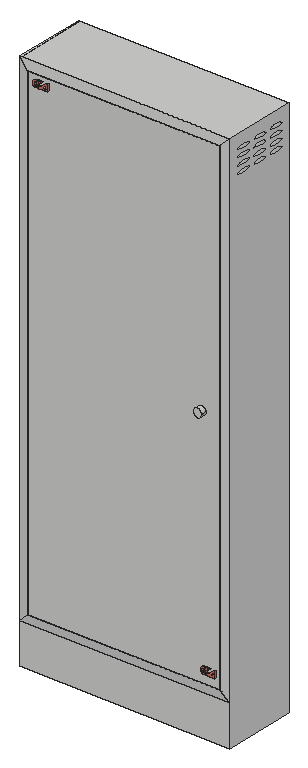
Revit family "120909-00125 Шкаф ШРП-В2400, без плинтов ССД", category Обобщенные модели, Revit 2019
Family settings
  Может служить основой для арматурных стержней = Нет
  Размер круглого соединителя = Использовать диаметр
  Тип детали = Нормальный
  На основе рабочей плоскости = Нет
  Всегда вертикально = Да
  При загрузке вырезать с полостями = Нет
  Общий = Нет
  Точка расчета площади = Нет
Parameters (values of type "ШРП-В/2400 (пустой)")
  Толщина 5 = 5 mm  # constant formula
  Толщина 4 = 4 mm  # constant formula
  Толщина 25 = 25 mm  # constant formula
  Толщина -4 = -4 mm  # constant formula
  Смещение от уровня [instance] = 300 mm
  Описание = "Шкаф ШРП-В/2400, без плинтов ССД"
  Ноль = 0 mm  # constant formula
  Материал букв = Металл красный
  Материал Каркаса = RAL 7035
  ADSK_Этаж [instance] = ""
  ADSK_Размер_Ширина = 860 mm
  ADSK_Размер_Глубина = 300 mm
  ADSK_Размер_Высота = 2240 mm
  ADSK_Примечание [instance] = ""
  ADSK_Предел огнестойкости = ""
  ADSK_Позиция [instance] = ""
  ADSK_Обозначение = ""
  ADSK_Наименование краткое = "ШРП-В/2400 (пустой)"
  ADSK_Наименование = "Шкаф ШРП-В/2400, без плинтов ССД"
  ADSK_Масса_Текст = "114"
  ADSK_Марка [instance] = ""
  ADSK_Количество [instance] = 1  # constant formula
  ADSK_Код изделия = "120909-00125"
  ADSK_Зона = ""
  ADSK_Завод-изготовитель = "АО СВЯЗЬСТРОЙДЕТАЛЬ"  # constant formula
  ADSK_Единица измерения = "шт"  # constant formula
  ADSK_URL страницы изделия = "Шкаф ШРП-В/2400, без плинтов ССД ( 120909-00125 ) (ssd.ru)"
  ADSK_URL документации изделия = "shr_decl_2017.pdf (ssd.ru)"
Reference planes
  plane 1 "тттт": y = 0
  plane 2: z = 0
  plane 3 "УУУУ": x = 0
  plane 4 "Т1": y = 150
  plane 5 "Т2": y = -150
  plane 6 "П2": x = -430
  plane 7 "П1": x = 430
  plane 8 "Е1": z = 300
  plane 9 "Е2": z = 2540
  plane 10: z = 468
  plane 11: z = 505
  plane 12: z = 2503
  plane 13: x = -393
  plane 14: x = 393
  plane 15: x = 318
  plane 16: z = 1504
  plane 17: z = 2482
  plane 18: z = 2452
  plane 19: z = 2422
  plane 20: z = 2392
  plane 21: y = -83
  plane 22: y = 83
  plane 23: x = -370
  plane 24: x = 378
  plane 25: z = 543
Forms (mm)
  Extrusion 1, void, not visible, detail levels fine
    sketch origin (-20, 0, 0) x (1, 0, 0) y (0, 0, 1)
      loop
        arc (-281.999, 290) -> (-261.999, 270) -> (-241.999, 290) r 20
        line (-241.999, 290) -> (-241.999, 370)
        arc (-241.999, 370) -> (-261.999, 390) -> (-281.999, 370) r 20
        line (-281.999, 370) -> (-281.999, 290)
    from 90 to 190
  Extrusion 2, void, not visible
    sketch origin (-20, 0, 225) x (1, 0, 0) y (0, 0, 1)
      loop
        circle (-261.999, 215) r 6.5
    from 90 to 190
  Extrusion 3, void, not visible, detail levels fine
    sketch origin (20, 0, 0) x (-1, 0, 0) y (0, 0, -1)
      loop
        line (-281.999, -290) -> (-281.999, -370)
        arc (-281.999, -370) -> (-261.999, -390) -> (-241.999, -370) r 20
        line (-241.999, -370) -> (-241.999, -290)
        arc (-241.999, -290) -> (-261.999, -270) -> (-281.999, -290) r 20
    from 90 to 190
  Extrusion 4, void, not visible
    sketch origin (20, 0, 225) x (-1, 0, 0) y (0, 0, -1)
      loop
        circle (-261.999, -215) r 6.5
    from 90 to 190
  Extrusion 5, void, not visible
    sketch origin (0, 0, 220) x (0, 1, 0) y (0, 0, 1)
      loop
        circle (-102, 220) r 3.036
      loop
        circle (-172.959, 220) r 3.036
      loop
        circle (-122, 237) r 3.036
      loop
        circle (-157.959, 237) r 3.036
      loop
        circle (-121.964, 203) r 3.036
      loop
        circle (-158.036, 203) r 3.036
      loop
        arc (-162.48, 75) -> (-137.48, 50) -> (-112.48, 75) r 25
        line (-112.48, 75) -> (-112.48, 145)
        arc (-112.48, 145) -> (-137.48, 170) -> (-162.48, 145) r 25
        line (-162.48, 145) -> (-162.48, 75)
    from -312 to 312
  Extrusion 6, solid, material "RAL 7035" <- "Материал Каркаса", detail levels medium+fine
    sketch origin (0, 150, 0) x (1, 0, 0) y (0, 0, 1)
      loop
        line (-430, 2540) -> (-430, 300) -> (430, 300) -> (430, 2540) -> (-430, 2540)
    from 0 to 4 <- "Толщина 4"
  Extrusion 7, solid, material "RAL 7035" <- "Материал Каркаса", detail levels medium+fine
    sketch origin (0, -150, 0) x (1, 0, 0) y (0, 0, 1)
      loop
        line (-430, 2540) -> (-430, 300) -> (430, 300) -> (430, 2540) -> (-430, 2540)
      loop
        line (-393, 2503) -> (-393, 505) -> (393, 505) -> (393, 2503) -> (-393, 2503)
    from -4 <- "Толщина -4" to 0
  Extrusion 8, solid, material "RAL 7035" <- "Материал Каркаса", detail levels medium+fine
    sketch origin (-430, 0, 0) x (0, 1, 0) y (0, 0, 1)
      loop
        line (-150, 2540) -> (-150, 300) -> (150, 300) -> (150, 2540) -> (-150, 2540)
    from 0 to 4 <- "Толщина 4"
  Extrusion 9, solid, material "RAL 7035" <- "Материал Каркаса", detail levels medium+fine
    sketch origin (430, 0, 0) x (0, 1, 0) y (0, 0, 1)
      loop
        line (-150, 2540) -> (-150, 300) -> (150, 300) -> (150, 2540) -> (-150, 2540)
    from -4 <- "Толщина -4" to 0
  Extrusion 10, solid, material "RAL 7035" <- "Материал Каркаса", detail levels medium+fine
    sketch origin (0, 0, 300) x (0, -1, 0) y (1, 0, 0)
      loop
        line (-150, -430) -> (150, -430) -> (150, 430) -> (-150, 430) -> (-150, -430)
    from 0 to 4 <- "Толщина 4"
  Extrusion 11, solid, material "RAL 7035" <- "Материал Каркаса", detail levels medium+fine
    sketch origin (0, 0, 2540) x (0, -1, 0) y (1, 0, 0)
      loop
        line (-150, -430) -> (150, -430) -> (150, 430) -> (-150, 430) -> (-150, -430)
    from 0 to -4 <- "Толщина -4"
  Extrusion 12, solid, material "RAL 7035" <- "Материал Каркаса", detail levels medium+fine
    sketch origin (0, -150, 0) x (1, 0, 0) y (0, 0, 1)
      loop
        line (-393, 2503) -> (-393, 505) -> (393, 505) -> (393, 2503) -> (-393, 2503)
    from 0 to 5 <- "Толщина 5"
  Extrusion 13, solid, material "RAL 7035" <- "Материал Каркаса", detail levels medium+fine
    sketch origin (0, -150, 0) x (1, 0, 0) y (0, 0, 1)
      loop
        circle (318, 1504) r 17
    from 0 to 25 <- "Толщина 25"
  Sweep 14, solid, material "RAL 7035" <- "Материал Каркаса", detail levels medium+fine
    path origin (0, -150, 0) x (1, 0, 0) y (0, 0, 1)
      loop
        line (393, 2503) -> (-393, 2503) -> (-393, 505) -> (393, 505) -> (393, 2503)
    profile origin (0, -150, 2503) x (0, 0, -1) y (0, -1, 0)
      loop
        line (-37, 0) -> (0, 0) -> (0, 5) -> (-37, 0)
  Extrusion 15, solid, material "RAL 7035" <- "Материал Каркаса", detail levels coarse
    sketch origin (0, 0, 0) x (1, 0, 0) y (0, 1, 0)
      loop
        line (-430, 150) -> (-430, -150) -> (430, -150) -> (430, 150) -> (-430, 150)
    from 300 to 2540
Cuts and joins
  joined: Extrusion 6, Extrusion 7, Extrusion 8, Extrusion 9, Extrusion 10, Extrusion 11, Sweep 14
  joined: Extrusion 12, Extrusion 13
Dimensions and locks
  equal spacing: plane 5 "Т2", plane 1 "тттт", plane 4 "Т1"
  equal spacing: plane 6 "П2", plane 3 "УУУУ", plane 7 "П1"
  "ADSK_Размер_Ширина": plane 6 "П2" to plane 7 "П1"
  "ADSK_Размер_Глубина": plane 5 "Т2" to plane 4 "Т1"
  "Смещение от уровня": plane 8 "Е1" to plane 2
  "ADSK_Размер_Высота": plane 9 "Е2" to plane 8 "Е1"
  locked: plane 10 to plane 8 "Е1" at 168
  locked: plane 9 "Е2" to plane 12 at 37
  locked: plane 11 to plane 10 at 37
  locked: plane 13 to plane 6 "П2" at 37
  locked: plane 7 "П1" to plane 14 at 37
  locked: plane 14 to plane 15 at 75
  equal spacing: plane 12, plane 16, plane 11
  locked: plane 9 "Е2" to plane 17 at 58
  locked: plane 17 to plane 18 at 30
  locked: plane 18 to plane 19 at 30
  locked: plane 19 to plane 20 at 30
  locked: plane 5 "Т2" to plane 21 at 67
  locked: plane 22 to plane 4 "Т1" at 67
  locked: plane 25 to plane 10 at 75
  locked: plane 24 to plane 14 at 15
  locked: plane 23 to plane 6 "П2" at 60
  aligned and locked: level to plane 2
  aligned and locked: plane 9 "Е2" to Extrusion 6 sketch curve
  aligned and locked: plane 6 "П2" to Extrusion 6 sketch curve
  aligned and locked: Extrusion 6 sketch curve to plane 8 "Е1"
  aligned and locked: Extrusion 6 sketch curve to plane 7 "П1"
  aligned and locked: Extrusion 6 to plane 4 "Т1"
  aligned and locked: plane 6 "П2" to Extrusion 7 sketch curve
  aligned and locked: Extrusion 7 sketch curve to plane 8 "Е1"
  aligned and locked: Extrusion 7 sketch curve to plane 7 "П1"
  aligned and locked: plane 9 "Е2" to Extrusion 7 sketch curve
  aligned and locked: plane 13 to Extrusion 7 sketch curve
  aligned and locked: Extrusion 7 sketch curve to plane 14
  aligned and locked: plane 12 to Extrusion 7 sketch curve
  aligned and locked: Extrusion 7 sketch curve to plane 11
  aligned and locked: plane 5 "Т2" to Extrusion 7
  aligned and locked: Extrusion 8 sketch curve to Extrusion 7  (x2)
  aligned and locked: Extrusion 8 sketch curve to Extrusion 6  (x2)
  aligned and locked: Extrusion 8 to plane 6 "П2"
  aligned and locked: Extrusion 9 sketch curve to Extrusion 7  (x2)
  aligned and locked: Extrusion 9 sketch curve to Extrusion 6  (x2)
  aligned and locked: plane 7 "П1" to Extrusion 9
  aligned and locked: Extrusion 10 sketch curve to cut or joined group of Extrusion 6, Extrusion 7, Extrusion 8, Extrusion 9, Extrusion 10, Extrusion 11, Sweep 14  (x4)
  aligned and locked: plane 8 "Е1" to Extrusion 10
  aligned and locked: Extrusion 11 sketch curve to cut or joined group of Extrusion 6, Extrusion 7, Extrusion 8, Extrusion 9, Extrusion 10, Extrusion 11, Sweep 14  (x4)
  aligned and locked: plane 9 "Е2" to Extrusion 11
  aligned and locked: Extrusion 12 sketch curve to cut or joined group of Extrusion 6, Extrusion 7, Extrusion 8, Extrusion 9, Extrusion 10, Extrusion 11, Sweep 14  (x4)
  aligned and locked: plane 16 to Extrusion 13 sketch curve
  aligned and locked: plane 15 to Extrusion 13 sketch curve
  aligned and locked: plane 5 "Т2" to Extrusion 12
  aligned and locked: Extrusion 13 to plane 5 "Т2"
  aligned and locked: Sweep 14 sketch curve to Extrusion 12  (x4)
  aligned and locked: profile plane to Sweep 14 sketch curve  (x2)
  aligned and locked: plane 21 to nested 1
  aligned and locked: nested 2 to plane 1 "тттт"
  aligned and locked: plane 22 to nested 3
  aligned and locked: plane 7 "П1" to nested 3
  aligned and locked: plane 7 "П1" to nested 2
  aligned and locked: plane 7 "П1" to nested 1
  aligned and locked: nested 1 to plane 17
  aligned and locked: nested 2 to plane 17
  aligned and locked: nested 3 to plane 17
  aligned and locked: nested 4 to plane 18
  aligned and locked: nested 5 to plane 18
  aligned and locked: nested 6 to plane 18
  aligned and locked: nested 7 to plane 19
  aligned and locked: nested 8 to plane 19
  aligned and locked: nested 9 to plane 19
  aligned and locked: nested 10 to plane 20
  aligned and locked: nested 11 to plane 20
  aligned and locked: nested 12 to plane 20
  aligned and locked: plane 22 to nested 6
  aligned and locked: cut or joined group of Extrusion 6, Extrusion 7, Extrusion 8, Extrusion 9, Extrusion 10, Extrusion 11, Sweep 14 to nested 6
  aligned and locked: nested 5 to plane 1 "тттт"
  aligned and locked: cut or joined group of Extrusion 6, Extrusion 7, Extrusion 8, Extrusion 9, Extrusion 10, Extrusion 11, Sweep 14 to nested 5
  aligned and locked: plane 21 to nested 4
  aligned and locked: cut or joined group of Extrusion 6, Extrusion 7, Extrusion 8, Extrusion 9, Extrusion 10, Extrusion 11, Sweep 14 to nested 4
  aligned and locked: plane 7 "П1" to nested 9
  aligned and locked: plane 22 to nested 9
  aligned and locked: nested 8 to plane 1 "тттт"
  aligned and locked: plane 7 "П1" to nested 8
  aligned and locked: plane 21 to nested 7
  aligned and locked: plane 7 "П1" to nested 7
  aligned and locked: plane 7 "П1" to nested 12  (x2)
  aligned and locked: plane 22 to nested 12
  aligned and locked: plane 7 "П1" to nested 11  (x2)
  aligned and locked: nested 11 to plane 1 "тттт"
  aligned and locked: plane 7 "П1" to nested 10
  aligned and locked: plane 21 to nested 10
  aligned and locked: plane 20 to nested 24
  aligned and locked: plane 20 to nested 19
  aligned and locked: plane 20 to nested 18
  aligned and locked: plane 19 to nested 23
  aligned and locked: nested 23 to plane 19
  aligned and locked: plane 19 to nested 20
  aligned and locked: plane 19 to nested 17
  aligned and locked: plane 18 to nested 22
  aligned and locked: plane 18 to nested 21
  aligned and locked: plane 18 to nested 16
  aligned and locked: plane 17 to nested 14
  aligned and locked: plane 17 to nested 13
  aligned and locked: plane 17 to nested 15
  aligned and locked: plane 7 "П1" to cut or joined group of Extrusion 6, Extrusion 7, Extrusion 8, Extrusion 9, Extrusion 10, Extrusion 11, Sweep 14
  aligned and locked: nested 10 to plane 21
  aligned and locked: plane 1 "тттт" to nested 11
  aligned and locked: nested 12 to plane 22
  aligned and locked: nested 23 to plane 21
  aligned and locked: plane 21 to nested 23
  aligned and locked: plane 1 "тттт" to nested 20
  aligned and locked: nested 17 to plane 22
  aligned and locked: plane 6 "П2" to nested 23
  aligned and locked: plane 6 "П2" to nested 20
  aligned and locked: plane 6 "П2" to nested 17
  aligned and locked: nested 22 to cut or joined group of Extrusion 6, Extrusion 7, Extrusion 8, Extrusion 9, Extrusion 10, Extrusion 11, Sweep 14
  aligned and locked: nested 22 to plane 21
  aligned and locked: nested 21 to cut or joined group of Extrusion 6, Extrusion 7, Extrusion 8, Extrusion 9, Extrusion 10, Extrusion 11, Sweep 14
  aligned and locked: plane 1 "тттт" to nested 21
  aligned and locked: nested 16 to cut or joined group of Extrusion 6, Extrusion 7, Extrusion 8, Extrusion 9, Extrusion 10, Extrusion 11, Sweep 14
  aligned and locked: nested 16 to plane 22
  aligned and locked: nested 15 to plane 22
  aligned and locked: plane 1 "тттт" to nested 13
  aligned and locked: nested 14 to plane 21
  aligned and locked: nested 14 to cut or joined group of Extrusion 6, Extrusion 7, Extrusion 8, Extrusion 9, Extrusion 10, Extrusion 11, Sweep 14
  aligned and locked: nested 13 to cut or joined group of Extrusion 6, Extrusion 7, Extrusion 8, Extrusion 9, Extrusion 10, Extrusion 11, Sweep 14
  aligned and locked: nested 15 to cut or joined group of Extrusion 6, Extrusion 7, Extrusion 8, Extrusion 9, Extrusion 10, Extrusion 11, Sweep 14
  aligned and locked: cut or joined group of Extrusion 12, Extrusion 13 to nested 25
  aligned and locked: cut or joined group of Extrusion 12, Extrusion 13 to nested 26
  aligned and locked: plane 25 to nested 25
  aligned and locked: plane 24 to nested 25
  aligned and locked: nested 26 to plane 17
  aligned and locked: plane 23 to nested 26
  aligned and locked: plane 6 "П2" to nested 24
  aligned and locked: plane 6 "П2" to nested 19
  aligned and locked: plane 6 "П2" to nested 18
  aligned and locked: plane 1 "тттт" to nested 19
  aligned and locked: nested 18 to plane 22
  aligned and locked: nested 24 to plane 21
  aligned and locked: Extrusion 15 sketch curve to cut or joined group of Extrusion 6, Extrusion 7, Extrusion 8, Extrusion 9, Extrusion 10, Extrusion 11, Sweep 14  (x4)
  aligned and locked: Extrusion 15 to plane 9 "Е2"
  aligned and locked: plane 8 "Е1" to Extrusion 15
  aligned and locked: nested 27 to plane 9 "Е2"
  aligned and locked: plane 8 "Е1" to nested 27
  aligned and locked: plane 6 "П2" to nested 27
  aligned and locked: plane 7 "П1" to nested 27
Automatic sketch dimensions
  profile plane to Sweep 14 sketch curve = 37 mm
  plane 5 "Т2" to Sweep 14 sketch curve = 5 mm
  radius of Extrusion 13 sketch curve = 17 mm
Nested families
  nested 1: "Впадина" at (430, -83, 2482) x (0, 1, 0) z (0, 0, 1), Материал <- "Материал Каркаса", type "Впадина", detail levels fine
    with Материал RAL 7035
  nested 2: "Впадина" at (430, 0, 2482) x (0, 1, 0) z (0, 0, 1), Материал <- "Материал Каркаса", type "Впадина", detail levels fine
    with Материал RAL 7035
  nested 3: "Впадина" at (430, 83, 2482) x (0, 1, 0) z (0, 0, 1), Материал <- "Материал Каркаса", type "Впадина", detail levels fine
    with Материал RAL 7035
  nested 4: "Впадина" at (430, -83, 2452) x (0, 1, 0) z (0, 0, 1), Материал <- "Материал Каркаса", type "Впадина", detail levels fine
    with Материал RAL 7035
  nested 5: "Впадина" at (430, 0, 2452) x (0, 1, 0) z (0, 0, 1), Материал <- "Материал Каркаса", type "Впадина", detail levels fine
    with Материал RAL 7035
  nested 6: "Впадина" at (430, 83, 2452) x (0, 1, 0) z (0, 0, 1), Материал <- "Материал Каркаса", type "Впадина", detail levels fine
    with Материал RAL 7035
  nested 7: "Впадина" at (430, -83, 2422) x (0, 1, 0) z (0, 0, 1), Материал <- "Материал Каркаса", type "Впадина", detail levels fine
    with Материал RAL 7035
  nested 8: "Впадина" at (430, 0, 2422) x (0, 1, 0) z (0, 0, 1), Материал <- "Материал Каркаса", type "Впадина", detail levels fine
    with Материал RAL 7035
  nested 9: "Впадина" at (430, 83, 2422) x (0, 1, 0) z (0, 0, 1), Материал <- "Материал Каркаса", type "Впадина", detail levels fine
    with Материал RAL 7035
  nested 10: "Впадина" at (430, -83, 2392) x (0, 1, 0) z (0, 0, 1), Материал <- "Материал Каркаса", type "Впадина", detail levels fine
    with Материал RAL 7035
  nested 11: "Впадина" at (430, 0, 2392) x (0, 1, 0) z (0, 0, 1), Материал <- "Материал Каркаса", type "Впадина", detail levels fine
    with Материал RAL 7035
  nested 12: "Впадина" at (430, 83, 2392) x (0, 1, 0) z (0, 0, 1), Материал <- "Материал Каркаса", type "Впадина", detail levels fine
    with Материал RAL 7035
  nested 13: "Впадина" at (-430, 0, 2482) x (0, 1, 0) z (0, 0, 1), Материал <- "Материал Каркаса", type "Впадина", detail levels fine
    with Материал RAL 7035
  nested 14: "Впадина" at (-430, -83, 2482) x (0, 1, 0) z (0, 0, 1), Материал <- "Материал Каркаса", type "Впадина", detail levels fine
    with Материал RAL 7035
  nested 15: "Впадина" at (-430, 83, 2482) x (0, 1, 0) z (0, 0, 1), Материал <- "Материал Каркаса", type "Впадина", detail levels fine
    with Материал RAL 7035
  nested 16: "Впадина" at (-430, 83, 2452) x (0, 1, 0) z (0, 0, 1), Материал <- "Материал Каркаса", type "Впадина", detail levels fine
    with Материал RAL 7035
  nested 17: "Впадина" at (-430, 83, 2422) x (0, 1, 0) z (0, 0, 1), Материал <- "Материал Каркаса", type "Впадина", detail levels fine
    with Материал RAL 7035
  nested 18: "Впадина" at (-430, 83, 2392) x (0, 1, 0) z (0, 0, 1), Материал <- "Материал Каркаса", type "Впадина", detail levels fine
    with Материал RAL 7035
  nested 19: "Впадина" at (-430, 0, 2392) x (0, 1, 0) z (0, 0, 1), Материал <- "Материал Каркаса", type "Впадина", detail levels fine
    with Материал RAL 7035
  nested 20: "Впадина" at (-430, 0, 2422) x (0, 1, 0) z (0, 0, 1), Материал <- "Материал Каркаса", type "Впадина", detail levels fine
    with Материал RAL 7035
  nested 21: "Впадина" at (-430, 0, 2452) x (0, 1, 0) z (0, 0, 1), Материал <- "Материал Каркаса", type "Впадина", detail levels fine
    with Материал RAL 7035
  nested 22: "Впадина" at (-430, -83, 2452) x (0, 1, 0) z (0, 0, 1), Материал <- "Материал Каркаса", type "Впадина", detail levels fine
    with Материал RAL 7035
  nested 23: "Впадина" at (-430, -83, 2422) x (0, 1, 0) z (0, 0, 1), Материал <- "Материал Каркаса", type "Впадина", detail levels fine
    with Материал RAL 7035
  nested 24: "Впадина" at (-430, -83, 2392) x (0, 1, 0) z (0, 0, 1), Материал <- "Материал Каркаса", type "Впадина", detail levels fine
    with Материал RAL 7035
  nested 25: "ССД" at (348.016, -155, 543), Материал <- "Материал букв", type "ССД", detail levels fine
    with Материал Металл красный
  nested 26: "ССД" at (-340.016, -155, 2456), Материал <- "Материал букв", type "ССД", detail levels fine
    with Материал Металл красный
  nested 27: "ЭУ_Шкаф ст фасад" at (0, 0, 300) x (1, 0, 0) z (0, -1, 0), ADSK_Размер_Высота <- "ADSK_Размер_Высота", ADSK_Размер_Ширина <- "ADSK_Размер_Ширина", type "ЭУ_Шкаф ст фасад", detail levels coarse
    with ADSK_Размер_Ширина 860 mm, ADSK_Размер_Высота 2240 mm
Definition of nested family "Впадина"
  Parameters (values of type "Впадина")
    Материал [instance] = none
    ADSK_Размер_Ширина = 64 mm
  Reference planes
    plane 1 "По центру (Вперед/Назад)": y = 0
    plane 2: z = 0
    plane 3 "По центру (Влево/Вправо)": x = 0
    plane 4: y = -5
    plane 5: x = -32
    plane 6: x = 32
  Forms (mm)
    Sweep 1, solid, material <- "Материал"
      path origin (0, 0, 0) x (1, 0, 0) y (0, 1, 0)
        loop
          arc (-32, 0) -> (0, -5) -> (32, 0) r 104.9
      profile origin (0, -5, 0) x (0, 1, 0) y (0, 0, 1)
        loop
          line (0, 0) -> (1.008, 0)
          arc (1.008, 0) -> (2.037, 5.808) -> (5, 10.909) r 16.9
          line (5, 10.909) -> (5, 12)
          arc (5, 12) -> (1.3, 6.5) -> (0, 0) r 16.9
  Lines and regions (mm)
    symbolic lines
      curve 1: line (-32, 0, 0) -> (32, 0, 0)
      curve 2: line (0, 0, 0) -> (0, -5, 0)
      curve 3: line (-32, 0, 0) -> (32, 0, 0)
  Dimensions and locks
    equal spacing: plane 5, plane 3 "По центру (Влево/Вправо)", plane 6
    "ADSK_Размер_Ширина": plane 5 to plane 6
    plane 4 to plane 1 "По центру (Вперед/Назад)" = 5 mm
    aligned and locked: level to plane 2
    aligned and locked: plane 5 to Sweep 1 sketch curve
    aligned and locked: plane 1 "По центру (Вперед/Назад)" to Sweep 1 sketch curve  (x3)
    aligned and locked: plane 6 to Sweep 1 sketch curve
    aligned and locked: plane 1 "По центру (Вперед/Назад)" to curve 1
    aligned and locked: curve 2 to plane 3 "По центру (Влево/Вправо)"
    aligned and locked: curve 3 to plane 2
  Automatic sketch dimensions
    Sweep 1 sketch curve to plane 1 "По центру (Вперед/Назад)" = 99.9 mm
    Sweep 1 sketch curve to profile plane = 0 mm
    Sweep 1 sketch curve to level = 0 mm
    Sweep 1 sketch curve to Sweep 1 sketch curve = 11.9 mm
    Sweep 1 sketch curve to Sweep 1 sketch curve = 1.008 mm
    Sweep 1 sketch curve to Sweep 1 sketch curve = 1.091 mm
    curve 1 to plane 5 = 0 mm
    curve 1 to plane 6 = 0 mm
    curve 2 to plane 4 = 0 mm
    curve 3 to plane 5 = 0 mm
    curve 3 to plane 6 = 0 mm
Definition of nested family "ССД"
  Parameters (values of type "ССД")
    Материал [instance] = none
  Reference planes
    plane 1 "По центру (Вперед/Назад)": y = 0
    plane 2: z = 0
    plane 3 "По центру (Влево/Вправо)": x = 0
    plane 4: y = -5
    plane 5: z = 26
    plane 6: x = -29.984
    plane 7: x = 29.984
  Forms (mm)
    Extrusion 1, solid, material <- "Материал"
      sketch origin (-4.748, 0, -135.953) x (1, 0, 0) y (0, 0, 1)
        loop
          arc (-12.562, 161.735) -> (-25.455, 148.886) -> (-12.605, 135.993) r 12.871
          line (-12.605, 135.993) -> (-5.127, 135.993)
          arc (-5.127, 135.993) -> (-8.341, 138.928) -> (-10.997, 142.376) r 24.946
          line (-10.997, 142.376) -> (-12.584, 142.376)
          arc (-12.584, 142.376) -> (-19.072, 148.864) -> (-12.584, 155.352) r 6.488
          line (-12.584, 155.352) -> (-10.972, 155.352)
          arc (-10.972, 155.352) -> (-8.292, 158.804) -> (-5.051, 161.735) r 24.946
          line (-5.051, 161.735) -> (-12.562, 161.735)
        loop
          arc (3.387, 161.709) -> (-9.505, 148.859) -> (3.344, 135.967) r 12.871
          line (3.344, 135.967) -> (34.291, 135.915) -> (34.334, 161.666) -> (28.9, 161.666) -> (8.095, 144.25) -> (16.764, 144.25) -> (28.888, 154.399) -> (28.868, 142.307) -> (3.34, 142.35)
          arc (3.34, 142.35) -> (-3.122, 148.856) -> (3.377, 155.326) r 6.488
          line (3.377, 155.326) -> (4.978, 155.326)
          arc (4.978, 155.326) -> (7.657, 158.777) -> (10.898, 161.709) r 24.946
          line (10.898, 161.709) -> (3.387, 161.709)
      from 0 to 5
  Lines and regions (mm)
    symbolic lines
      curve 1: line (-29.984, 0, 0) -> (29.984, 0, 0)
      curve 2: line (-29.984, 0, 26) -> (29.984, 0, 26)
      curve 3: line (-29.984, 0, 0) -> (-29.984, 0, 26)
      curve 4: line (29.984, 0, 0) -> (-29.984, 0, 0)
      curve 5: line (29.984, 0, 26) -> (29.984, 0, 0)
  Dimensions and locks
    locked: plane 1 "По центру (Вперед/Назад)" to plane 4 at 5
    locked: plane 5 to plane 2 at 26
    equal spacing: plane 7, plane 3 "По центру (Влево/Вправо)", plane 6
    locked: plane 7 to plane 6 at 59.968
    aligned and locked: level to plane 2
    aligned and locked: plane 1 "По центру (Вперед/Назад)" to curve 1
    aligned and locked: Extrusion 1 to plane 4
    aligned and locked: Extrusion 1 to plane 1 "По центру (Вперед/Назад)"
    aligned and locked: curve 2 to plane 5
    aligned and locked: plane 6 to curve 3
    aligned and locked: plane 2 to curve 4
    aligned and locked: curve 5 to plane 7
  Automatic sketch dimensions
    curve 1 to plane 6 = 0 mm
    curve 1 to plane 7 = 0 mm
    Extrusion 1 sketch curve to Extrusion 1 sketch curve = 0 mm  (x6)
    Extrusion 1 sketch curve to plane 3 "По центру (Влево/Вправо)" = 17.331 mm
    Extrusion 1 sketch curve to Extrusion 1 sketch curve = 0.022 mm
    Extrusion 1 sketch curve to Extrusion 1 sketch curve = 1.587 mm
    Extrusion 1 sketch curve to Extrusion 1 sketch curve = 1.612 mm
    Extrusion 1 sketch curve to plane 3 "По центру (Влево/Вправо)" = 9.875 mm
    Extrusion 1 sketch curve to plane 3 "По центру (Влево/Вправо)" = 1.407 mm
    Extrusion 1 sketch curve to plane 3 "По центру (Влево/Вправо)" = 1.382 mm
    Extrusion 1 sketch curve to plane 3 "По центру (Влево/Вправо)" = 1.371 mm
    Extrusion 1 sketch curve to plane 3 "По центру (Влево/Вправо)" = 1.36 mm
    Extrusion 1 sketch curve to Extrusion 1 sketch curve = 1.601 mm
    Extrusion 1 sketch curve to Extrusion 1 sketch curve = 4.755 mm
    Extrusion 1 sketch curve to Extrusion 1 sketch curve = 1.902 mm
    Extrusion 1 sketch curve to Extrusion 1 sketch curve = 5.043 mm
    Extrusion 1 sketch curve to Extrusion 1 sketch curve = 0.878 mm
    Extrusion 1 sketch curve to Extrusion 1 sketch curve = 6.767 mm
    Extrusion 1 sketch curve to plane 7 = 8.785 mm
    Extrusion 1 sketch curve to plane 7 = 5.864 mm
    Extrusion 1 sketch curve to plane 7 = 5.844 mm
    Extrusion 1 sketch curve to plane 7 = 5.831 mm
    Extrusion 1 sketch curve to plane 7 = 0.44 mm
    Extrusion 1 sketch curve to plane 7 = 0.397 mm
    Extrusion 1 sketch curve to plane 5 = 26.038 mm
    Extrusion 1 sketch curve to Extrusion 1 sketch curve = 0.079 mm
    Extrusion 1 sketch curve to Extrusion 1 sketch curve = 5.898 mm
    Extrusion 1 sketch curve to Extrusion 1 sketch curve = 0.027 mm
    Extrusion 1 sketch curve to Extrusion 1 sketch curve = 0.494 mm
    Extrusion 1 sketch curve to Extrusion 1 sketch curve = 0.51 mm
    Extrusion 1 sketch curve to Extrusion 1 sketch curve = 6.383 mm
    Extrusion 1 sketch curve to Extrusion 1 sketch curve = 2.411 mm
    Extrusion 1 sketch curve to Extrusion 1 sketch curve = 6.488 mm  (x2)
    Extrusion 1 sketch curve to Extrusion 1 sketch curve = 12.092 mm
    Extrusion 1 sketch curve to Extrusion 1 sketch curve = 7.267 mm
    Extrusion 1 sketch curve to plane 3 "По центру (Влево/Вправо)" = 9.798 mm
    Extrusion 1 sketch curve to plane 3 "По центру (Влево/Вправо)" = 1.404 mm
Definition of nested family "ЭУ_Шкаф ст фасад"
  Parameters
    ADSK_Размер_Ширина [instance] = 640 mm
    ADSK_Размер_Высота [instance] = 1180 mm
  Reference planes
    plane 1 "По центру (Вперед/Назад)": y = 0
    plane 2: z = 0
    plane 3 "По центру (Влево/Вправо)": x = 0
    plane 4: x = -320
    plane 5: x = 320
    plane 6: y = 1180
    plane 7: y = 1141
    plane 8 "По центру (В/С": y = 150
    plane 9: x = 200
    plane 10: y = 645.5
  Lines and regions (mm)
    detail lines, in view "Опорный уровень"
      curve 1: line (-320, 1180, 0) -> (320, 1180, 0)
      curve 2: line (-320, 0, 0) -> (-320, 1180, 0)
      curve 3: line (320, 0, 0) -> (-320, 0, 0)
      curve 4: line (320, 1180, 0) -> (320, 0, 0)
      curve 5: line (320, 150, 0) -> (-320, 150, 0)
      curve 6: circle (200, 645.5, 0) r 20 normal (0, 0, 1)
  Dimensions and locks
    equal spacing: plane 4, plane 3 "По центру (Влево/Вправо)", plane 5
    "ADSK_Размер_Ширина": plane 4 to plane 5
    "ADSK_Размер_Высота": plane 6 to plane 1 "По центру (Вперед/Назад)"
    locked: plane 6 to plane 7 at 39
    equal spacing: plane 7, plane 10, plane 8 "По центру (В/С"
    locked: plane 8 "По центру (В/С" to plane 1 "По центру (Вперед/Назад)" at 150
    aligned and locked: curve 1 to plane 6
    aligned and locked: plane 4 to curve 2
    aligned and locked: curve 3 to plane 1 "По центру (Вперед/Назад)"
    aligned and locked: curve 4 to plane 5
    aligned and locked: plane 8 "По центру (В/С" to curve 5
    aligned and locked: plane 10 to curve 6
    aligned and locked: plane 9 to curve 6
  Automatic sketch dimensions
    radius of curve 6 = 20 mm
